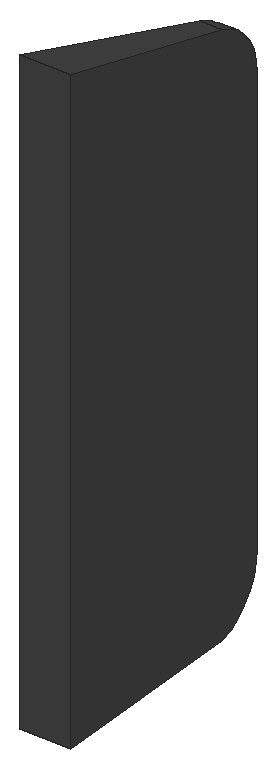
Revit family "PD1_PrivacyDivider", category Plumbing Fixtures, Revit 2020
Family settings
  Round Connector Dimension = Use Diameter
  Part Type = Normal
  OmniClass Number = 23.45.00.00
  OmniClass Title = Sanitary, Laundry, and Cleaning Equipment
  Work Plane-Based = Yes
  Always vertical = Yes
  Cut with Voids When Loaded = No
  Shared = No
  Room Calculation Point = No
Parameters
  Waste = "NA"  # constant formula
  Model = "PD1"  # constant formula
  Material = "1.2mm 304 Stainless Steel"  # constant formula
  Manufacturer = ""
  Finish = "Satin"  # constant formula
  Divider = Stainless Steel
  Description = "Privacy Divider Stainless Steel"  # constant formula
  Default Elevation = 1219.2 mm
  Brand = "Mercer"  # constant formula
  Assembly = "Fabricated"  # constant formula
Reference planes
  plane 1 "Center (Front/Back)": y = 0
  plane 2: z = 0
  plane 3 "Center (Left/Right)": x = 0
Forms (mm)
  Extrusion 1, solid, material "Stainless Steel" <- "Divider"
    sketch origin (-125.974, -75, 0) x (1, 0, 0) y (0, 1, 0)
      loop
        line (85, 75) -> (165, 75) -> (137.5, 475) -> (112.5, 475) -> (85, 75)
    from 0 to 950
  Extrusion 2, void
    sketch origin (-0.974, -75, 0) x (0, 1, 0) y (0, 0, 1)
      loop
        arc (400.874, 861.983) -> (454.333, 826.268) -> (475, 765.389) r 100
        line (475, 765.389) -> (475, 96.588)
        arc (475, 96.588) -> (454.341, 35.719) -> (400.898, 0) r 100
        line (400.898, 0) -> (75, 0) -> (75, -140.007) -> (640.874, -140.007) -> (640.874, 1001.983) -> (75, 1001.983) -> (75, 949.271) -> (400.874, 861.983)
    from -248.051 to 250
Cuts and joins
  Extrusion 2 cuts Extrusion 1
Dimensions and locks
  locked: Extrusion 1 sketch curve to Extrusion 1 sketch curve at 400
  locked: Extrusion 1 sketch curve to Extrusion 1 sketch curve at 80
  aligned and locked: level to plane 2
